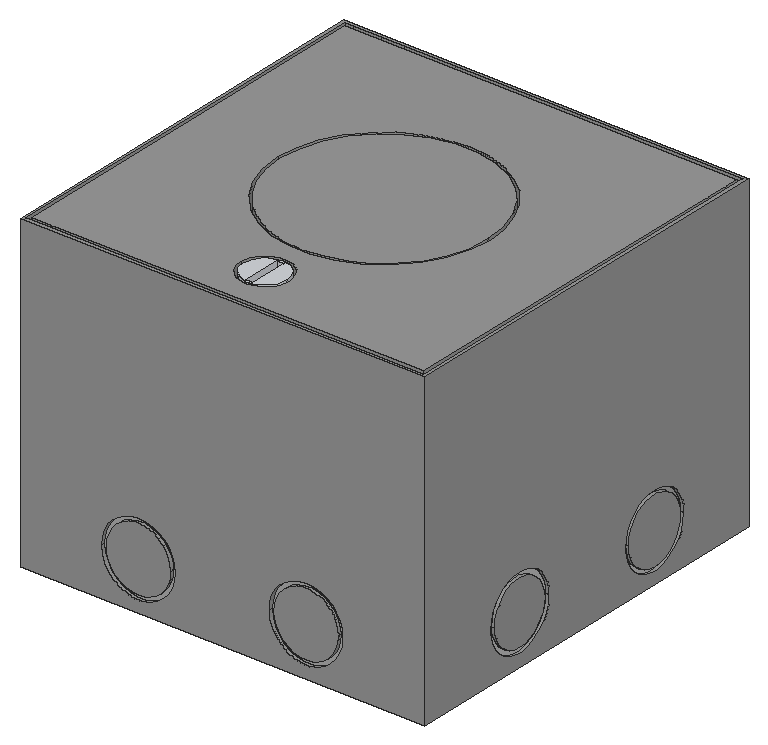
Revit family "Bodensteckdose UDHOME2, mit Tubus für nass gepflegte Fußböden", category Generic Models, Revit 2015
Parameters (values of type "UDHOME2 AF")
  Width 1 = 138 mm
  Width = 140 mm
  URL = "http://www.obo-bettermann.com"
  Material = Aluminum
  Manufacturer Art.No. = "7427091"
  Manufacturer = "OBO Bettermann"
  Length 1 = 138 mm
  Length = 140 mm
  HeightCalc = if(Height < 110 mm, 110 mm, (if(Height > 130 mm, 130 mm, Height)))  # 115 mm
  Height 1 = 108 mm
  Height = 115 mm
  GTIN = "4012196266746"
  Article Type = "UDHOME2 AF"
Types (3, lengths in mm): name | Manufacturer Art.No. | GTIN | Article Type
  (no name) | "7427091" | "4012196266746" | "UDHOME2 AF"
  UDHOME2 AF | "7427091" | "4012196266746" | "UDHOME2 AF"
  UDHOME2 AF V | "7368396" | "4012195842767" | "UDHOME2 AF V"
Reference planes
  plane 1 "Center (Front/Back)": y = 0
  plane 2: z = 0
  plane 3 "Center (Left/Right)": x = 0
  plane 4: z = 7
  plane 5: z = 115
  plane 6: z = 8
  plane 7: z = 103
  plane 8: z = 112
Forms (mm)
  Extrusion 1, solid, material "Aluminum" <- "Material"
    sketch origin (0, 0, 0) x (1, 0, 0) y (0, 1, 0)
      loop
        circle (-50, 50) r 4
      loop
        circle (-50, -50) r 4
      loop
        circle (50, 50) r 4
      loop
        circle (50, -50) r 4
    from 0 to 7
  Extrusion 2, solid, material "Aluminum" <- "Material"
    sketch origin (0, 0, 0) x (1, 0, 0) y (0, 1, 0)
      loop
        line (-70, 70) -> (-70, -70) -> (70, -70) -> (70, 70) -> (-70, 70)
    from 7 to 115
  Extrusion 3, void
    sketch origin (0, 0, 0) x (1, 0, 0) y (0, 1, 0)
      loop
        line (-69, 69) -> (-69, -69) -> (69, -69) -> (69, 69) -> (-69, 69)
    from 8 to 115
  Extrusion 4, solid, material "Aluminum" <- "Material"
    sketch origin (0, 0, 0) x (1, 0, 0) y (0, 1, 0)
      loop
        line (67.7, -67.7) -> (67.7, 67.7) -> (-67.7, 67.7) -> (-67.7, -67.7) -> (67.7, -67.7)
    from 103 to 115
  Extrusion 5, void
    sketch origin (0, 0, 0) x (1, 0, 0) y (0, 0, 1)
      loop
        circle (-29, 23.8) r 12.75
      loop
        circle (29, 24) r 12.75
      loop
        circle (29, 24) r 11.15
      loop
        circle (-29, 23.8) r 11.15
    from 67.7 to 70
  Extrusion 6, void
    sketch origin (0, 0, 0) x (0, 1, 0) y (0, 0, 1)
      loop
        circle (29.401, 23.8) r 12.75
      loop
        circle (29.401, 23.8) r 11.15
      loop
        circle (-29, 24) r 12.75
      loop
        circle (-29, 24) r 10.75
    from -70 to 70
  Extrusion 7, void
    sketch origin (0, 0, 0) x (1, 0, 0) y (0, 1, 0)
      loop
        circle (0, 0) r 36.8
      loop
        circle (0, 0) r 35.8
    from 103 to 115
  Extrusion 8, void
    sketch origin (0, 0, 0) x (1, 0, 0) y (0, 0, 1)
      loop
        circle (0, 24) r 13
      loop
        circle (0, 24) r 11
    from -70 to -67.7
  Extrusion 9, void
    sketch origin (0, 0, 0) x (1, 0, 0) y (0, 1, 0)
      loop
        circle (0, -51.6) r 8.5
    from 103 to 115
  Extrusion 10, solid
    sketch origin (0, 0, 0) x (1, 0, 0) y (0, 1, 0)
      loop
        circle (0, -51.6) r 7.5
    from 103 to 115
  Extrusion 11, void
    sketch origin (0, 0, 0) x (1, 0, 0) y (0, 1, 0)
      loop
        line (-1.15, -45.019) -> (-1.15, -58.356) -> (1.15, -58.356) -> (1.15, -45.019) -> (-1.15, -45.019)
    from 112 to 115
Cuts and joins
  Extrusion 3 cuts Extrusion 1
  Extrusion 3, Extrusion 5, Extrusion 6, Extrusion 7, Extrusion 8, Extrusion 9, Extrusion 11 cuts Extrusion 2
  Extrusion 7, Extrusion 9 cuts Extrusion 4
  Extrusion 11 cuts Extrusion 10
Dimensions and locks
  locked: Extrusion 1 sketch curve to plane 3 "Center (Left/Right)" at 50  (x2)
  locked: plane 1 "Center (Front/Back)" to Extrusion 1 sketch curve at 50
  locked: Extrusion 1 sketch curve to plane 1 "Center (Front/Back)" at 50  (x2)
  locked: plane 3 "Center (Left/Right)" to Extrusion 1 sketch curve at 50  (x2)
  plane 1 "Center (Front/Back)" to Extrusion 1 sketch curve = 50 mm
  "Width": Extrusion 2 sketch curve to Extrusion 2 sketch curve
  "Length": Extrusion 2 sketch curve to Extrusion 2 sketch curve
  plane 3 "Center (Left/Right)" to Extrusion 2 = 70 mm
  "Height 1": plane 5 to plane 4
  "HeightCalc": plane 5 to level
  "Length 1": Extrusion 3 sketch curve to Extrusion 3 sketch curve
  equal spacing: Extrusion 3 sketch curve, plane 1 "Center (Front/Back)", Extrusion 3 sketch curve
  "Width 1": Extrusion 3 sketch curve to Extrusion 3 sketch curve
  equal spacing: Extrusion 3 sketch curve, plane 3 "Center (Left/Right)", Extrusion 3 sketch curve
  locked: Extrusion 4 sketch curve to Extrusion 4 sketch curve at 135.4  (x2)
  locked: plane 5 to plane 7 at 12
  locked: Extrusion 5 sketch curve to cut or joined group 1 (Extrusion 2, Extrusion 3, Extrusion 5, Extrusion 6, Extrusion 7, Extrusion 8, Extrusion 9, Extrusion 11) at 16.8  (x2)
  locked: plane 3 "Center (Left/Right)" to Extrusion 5 sketch curve at 29  (x2)
  locked: Extrusion 5 sketch curve to cut or joined group 1 at 17  (x2)
  locked: Extrusion 5 sketch curve to plane 3 "Center (Left/Right)" at 29  (x2)
  cut or joined group 1 to Extrusion 6 sketch curve = 16.8 mm
  locked: Extrusion 6 sketch curve to plane 1 "Center (Front/Back)" at 29.401  (x2)
  locked: cut or joined group 1 to Extrusion 6 sketch curve at 16.8
  locked: plane 1 "Center (Front/Back)" to Extrusion 6 sketch curve at 29  (x2)
  locked: cut or joined group 1 to Extrusion 6 sketch curve at 17  (x2)
  locked: plane 6 to plane 4 at 1
  equal spacing: Extrusion 2 sketch curve, plane 1 "Center (Front/Back)", Extrusion 2 sketch curve
  equal spacing: Extrusion 2 sketch curve, plane 3 "Center (Left/Right)", Extrusion 2 sketch curve
  equal spacing: Extrusion 4 sketch curve, plane 3 "Center (Left/Right)", Extrusion 4 sketch curve, locked at 67.7 each
  equal spacing: Extrusion 4 sketch curve, plane 1 "Center (Front/Back)", Extrusion 4 sketch curve, locked at 67.7 each
  locked: Extrusion 8 sketch curve to cut or joined group 1 at 17
  locked: cut or joined group 1 to Extrusion 9 sketch curve at 18.4
  locked: Extrusion 11 sketch curve to Extrusion 11 sketch curve at 2.3
  equal spacing: Extrusion 11 sketch curve, plane 3 "Center (Left/Right)", Extrusion 11 sketch curve, locked at 1.15 each
  locked: Extrusion 11 sketch curve to Extrusion 11 sketch curve at 13.337
  locked: Extrusion 11 sketch curve to plane 1 "Center (Front/Back)" at 45.019
  locked: plane 5 to plane 8 at 3
  diameter of Extrusion 1 sketch curve = 8 mm  (x4)
  diameter of Extrusion 5 sketch curve = 25.5 mm  (x2)
  diameter of Extrusion 5 sketch curve = 22.3 mm  (x2)
  diameter of Extrusion 6 sketch curve = 25.5 mm  (x2)
  diameter of Extrusion 6 sketch curve = 22.3 mm
  diameter of Extrusion 6 sketch curve = 21.5 mm
  diameter of Extrusion 7 sketch curve = 73.6 mm
  diameter of Extrusion 7 sketch curve = 71.6 mm
  diameter of Extrusion 8 sketch curve = 26 mm
  diameter of Extrusion 8 sketch curve = 22 mm
  diameter of Extrusion 9 sketch curve = 17 mm
  diameter of Extrusion 10 sketch curve = 15 mm
  aligned and locked: level to plane 2
  aligned and locked: plane 4 to Extrusion 1
  aligned and locked: Extrusion 1 to level
  aligned and locked: Extrusion 2 to Extrusion 1
  aligned and locked: plane 5 to Extrusion 2
  aligned and locked: Extrusion 3 to plane 6
  aligned and locked: plane 5 to Extrusion 3
  aligned and locked: Extrusion 4 to plane 7
  aligned and locked: plane 5 to Extrusion 4
  aligned and locked: Extrusion 2 to Extrusion 5
  aligned and locked: Extrusion 2 to Extrusion 6  (x2)
  aligned and locked: Extrusion 2 to Extrusion 7
  aligned and locked: Extrusion 7 to plane 7
  aligned and locked: cut or joined group of Extrusion 4, Extrusion 7, Extrusion 9 to Extrusion 5
  aligned and locked: Extrusion 2 to Extrusion 8
  aligned and locked: Extrusion 8 to cut or joined group of Extrusion 4, Extrusion 7, Extrusion 9
  aligned and locked: Extrusion 2 to Extrusion 9
  aligned and locked: Extrusion 7 to Extrusion 9
  aligned and locked: cut or joined group 1 to Extrusion 10
  aligned and locked: cut or joined group of Extrusion 4, Extrusion 7, Extrusion 9 to Extrusion 10
  aligned and locked: Extrusion 2 to Extrusion 11
  aligned and locked: Extrusion 11 to plane 8
Automatic sketch dimensions
  plane 1 "Center (Front/Back)" to Extrusion 7 sketch curve = 0 mm
  Extrusion 7 sketch curve to plane 3 "Center (Left/Right)" = 0 mm
  Extrusion 7 sketch curve to Extrusion 7 sketch curve = 0 mm  (x2)
  Extrusion 8 sketch curve to Extrusion 8 sketch curve = 0 mm  (x2)
  Extrusion 8 sketch curve to plane 3 "Center (Left/Right)" = 0 mm
  Extrusion 9 sketch curve to plane 3 "Center (Left/Right)" = 0 mm
  Extrusion 10 sketch curve to plane 3 "Center (Left/Right)" = 0 mm
  plane 1 "Center (Front/Back)" to Extrusion 10 sketch curve = 51.6 mm
